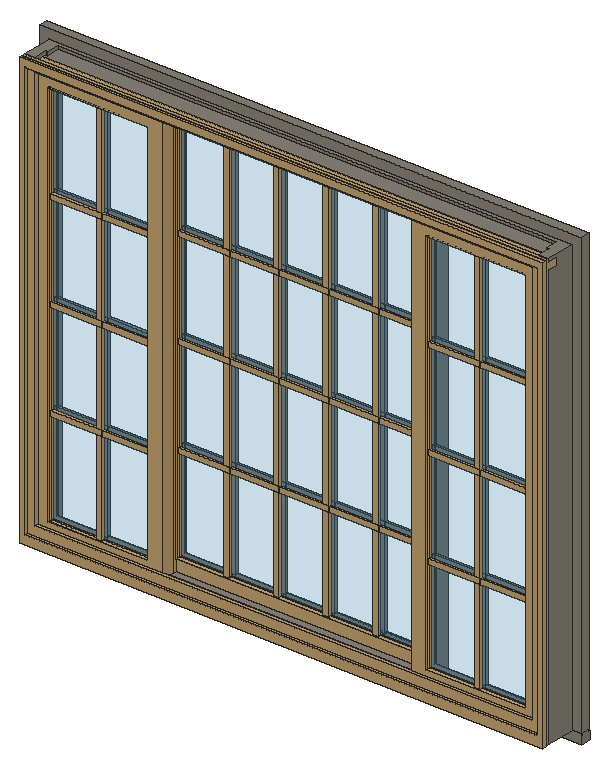
Revit family
Parameters (values of type "CUGLTS6050")
  Window Type = "Clad Ultimate Glider"
  Void Offset_S = if(Subsill A217 Visibility, 0' 1 11/32", if(Subsill A246 Visibility, 0' 0 9/16", 0' 0"))  # 0' - 1 11/32"
  Void Offset = if(Flat Casing Visibility, 0' 3", if(BMC Visibility, 0' 1 5/16", 0' 0"))  # 0' - 1 5/16"
  Vent Area = VO Width * VO Height  # 5.77698 SF
  VO Width = Width / 4 - 0' 2 27/32"  # 1' - 3 1/32"
  VO Height = Height - 0' 4 5/32"  # 4' - 7 11/32"
  URL = "www.marvin.com"
  Subsill Height = if(Subsill A217 Visibility, 0' 1 11/32", 0' 0 9/16")  # 0' - 1 11/32"
  Subsill A246 Visibility = and(Subsill Visibility, Subsill A246)  # no
  Subsill A217 Visibility = and(Subsill Visibility, Subsill A217)  # yes
  Prairie Corner Width = 0' - 4"
  Prairie Corner Height = 0' - 4"
  Operating Configuration = "XOX"
  Offset = if(Bottom Rail Standard, 0' 2", 0' 1 3/4")  # 0' - 2"
  Nominal Width = 6' - 0"
  Nominal Height = 5' - 0"
  Muntins Interior Material = Wood-Marvin-Pine
  Muntins Exterior Material = Aluminum-Marvin-Bronze
  Model = "CUGLTS6050"
  Manufacturer = "Marvin Windows and Doors"
  Lites Wide Side = 2
  Lites Wide Center = 5
  Lites High = 4
  Lite Cut Prairie 9 = no
  Lite Cut HV Grid = not(Lite Cut Prairie 9)  # yes
  Label Visibility = no
  Label Egress = if(and(and(VO Width > 1' 8", VO Height > 2' 0"), Vent Area > 5.70 SF), "EGRESS WDW", "")  # ""
  Interior Material = Wood-Marvin-Pine
  Glazing Material = Glass-Marvin-IG Low E II with Argon
  Glass Type = "IG Low E II with Argon"
  Frame = "Aluminum Clad"
  Flat Casing Visibility = and(Casing Visibility, Flat Casing)  # no
  Family created by = "www.rbuiltcomponents.com"
  Rough Width = Width + 0' 1"  # 6' - 0 1/2"
  Rough Height = Height + 0' 0 1/2"  # 5' - 0"
  Muntins Interior Side = yes
  Muntins Exterior Side = yes
  Muntins Interior Center = yes
  Muntins Exterior Center = yes
  Egress Window = "No"
  Design Pressure = "DP35"
  Cladding Material = Aluminum-Marvin-Bronze
  Casing Visibility = yes
  Bottom Rail Tall = no
  Bottom Rail Standard = not(Bottom Rail Tall)  # yes
  Bottom Rail = if(Bottom Rail Standard, 0' 3 1/2", 0' 4 13/32")  # 0' - 3 1/2"
  BMC Visibility = and(Casing Visibility, BMC)  # yes
  BMC = yes
  Flat Casing = not(BMC)  # no
  Subsill Visibility = yes
  Subsill A246 = no
  Subsill A217 = not(Subsill A246)  # yes
  Jamb Extension Visibility = yes
  Inset to Installation Flange [instance] = 0' - 1"
  Height = Nominal Height - 0' 0 1/2"  # 4' - 11 1/2"
  Description = "7260 GLDR"
  Default Head Height = 8' - 0"
  Wall Closure = (empty or 0)
  Width = Nominal Width - 0' 0 1/2"  # 5' - 11 1/2"
  Daylight Area = DLO Width * DLO Height  # 21.989 SF
  Center DLO Width = DLO Width - Side DLO Width * 2  # 2' - 9 33/64"
  Side DLO Width = (Width - 1' 6 13/32") / 4  # 1' - 1 35/128"
  DLO Width = Width - 0' 11 7/16"  # 5' - 0 1/16"
  DLO Height = if(Bottom Rail Standard, Height - 0' 6 25/32", Height - 0' 7 11/16")  # 4' - 4 23/32"
  Assembly Code = ""
Reference planes (in)
  plane 1 "Center (Front/Back)": y = 0
  plane 2: z = 0
  plane 3 "Center (Left/Right)": x = -3
  plane 4 "Left": x = -38.75
  plane 5 "Right": x = 32.75
  plane 6 "Sill": z = 36.5
  plane 7 "Top": z = 96
  plane 8 "Inset": y = 2
  plane 9 "Glazing": y = 1.4375
  plane 10 "Jamb Ext Face": y = -2.5625
  plane 11: x = -19.75781
  plane 12: x = 29.46875
  plane 13: z = 92.71875
  plane 14: z = 40
  plane 15: x = 13.75781
  plane 16: x = 16.19531
  plane 17 "Glazing 2": y = -0.78125
  plane 18: x = 22.83203
  plane 19: y = -2.59375
  plane 20 "Void Offset": z = 97.3125
  plane 21 "Void Offset_S": z = 35.15625
  plane 22: x = -35.46875
  plane 23: x = -22.19531
  plane 24: x = -28.83203
Forms (in)
  Extrusion 1, solid, material "Wood-Marvin-Pine" <- "Interior Material", visible <- "Jamb Extension Visibility", detail levels medium+fine
    sketch origin (0, -2.5625, 0) x (1, 0, 0) y (0, 0, 1)
      loop
        line (-38.75, 96) -> (-38.75, 36.5) -> (32.75, 36.5) -> (32.75, 96) -> (-38.75, 96)
      loop
        line (-38.0625, 37.8125) -> (32.0625, 37.8125) -> (32.0625, 95.125) -> (-38.0625, 95.125) -> (-38.0625, 37.8125)
    from 0.03125 to 0.4375
  Sweep 2, solid, material "Aluminum-Marvin-Bronze" <- "Cladding Material"
    path origin (0, 2, 0) x (1, 0, 0) y (0, 0, 1)
      loop
        line (32.75, 36.5) -> (-38.75, 36.5)
    profile "Clad Sill : Clad Sill" origin (-3, 2, 36.5) x (0, 0, -1) y (0, -1, 0)
      loop
        line (0, 4.09375) -> (-1.4923, 4.09375) -> (-1.43315, 3.67287) -> (-1.87885, 3.5625) -> (-2.02485, 3.5625) -> (-2.02485, 3.2605) -> (-1.69799, 3.2605) -> (-1.56199, 3.1245) -> (-1.36894, 3.1245) -> (-1.62233, 1.3215) -> (-2.02485, 1.3215) -> (-2.02485, 1.0195) -> (-1.76223, 1.0195) -> (-1.60756, 0.7286) -> (-1.60756, 0.41973) -> (-1.38203, 0.41973) -> (-1.29669, -0.1875) -> (-1.125, -0.1875) -> (-1.125, -0.685) -> (-0.70288, -0.685) -> (-0.64543, -1.09375) -> (0, -1.09375) -> (0, 4.09375)
  Sweep 3, solid, material "Aluminum-Marvin-Bronze" <- "Cladding Material"
    path origin (0, 2, 0) x (1, 0, 0) y (0, 0, 1)
      loop
        line (32.75, 96) -> (32.75, 36.5)
    profile "Clad Jamb : Clad Jamb" origin (32.75, 2, 66.25) x (1, 0, 0) y (0, -1, 0)
      loop
        line (0, -1.09201) -> (0, 4.10949) -> (-1.34375, 4.10949) -> (-1.34375, 2.26799) -> (-1.644, 2.26799) -> (-1.644, -0.18701) -> (-0.78161, -0.18701) -> (-0.78161, -0.58876) -> (-0.71088, -1.09201) -> (0, -1.09201)
  Sweep 4, solid, material "Aluminum-Marvin-Bronze" <- "Cladding Material"
    path origin (0, 2, 0) x (1, 0, 0) y (0, 0, 1)
      loop
        line (-38.75, 96) -> (-38.75, 36.5)
    profile "Clad Jamb : Clad Jamb" origin (-38.75, 2, 66.25) x (1, 0, 0) y (0, -1, 0)
      loop
        line (0, -1.09201) -> (0.71088, -1.09201) -> (0.78161, -0.58876) -> (0.78161, -0.18701) -> (1.644, -0.18701) -> (1.644, 2.26799) -> (1.34375, 2.26799) -> (1.34375, 4.10949) -> (0, 4.10949) -> (0, -1.09201)
  Sweep 5, solid, material "Aluminum-Marvin-Bronze" <- "Cladding Material"
    path origin (0, 2, 0) x (1, 0, 0) y (0, 0, 1)
      loop
        line (32.75, 96) -> (-38.75, 96)
    profile "Clad Head : Clad Head" origin (-3, 2, 96) x (0, 0, -1) y (0, -1, 0)
      loop
        line (0, 0.52786) -> (0, -1.09375) -> (0.71134, -1.09375) -> (0.78161, -0.59375) -> (0.78161, -0.1875) -> (1.644, -0.1875) -> (1.644, 0.096) -> (1.344, 0.096) -> (1.344, 2.85991) -> (0.396, 2.85991) -> (0.396, 0.52786) -> (0, 0.52786)
  Extrusion 6, solid, material "Wood-Marvin-Pine" <- "Interior Material"
    sketch origin (0, -2.5625, 0) x (1, 0, 0) y (0, 0, 1)
      loop
        line (-38.75, 96) -> (-38.75, 94.656) -> (32.75, 94.656) -> (32.75, 96) -> (-38.75, 96)
    from -0.45301 to 0
  Extrusion 7, solid, material "Wood-Marvin-Pine" <- "Interior Material"
    sketch origin (0, -2.5625, 0) x (1, 0, 0) y (0, 0, 1)
      loop
        line (31, 96) -> (31, 39.0625) -> (-37, 39.0625) -> (-37, 96) -> (-38.75, 96) -> (-38.75, 36.5) -> (32.75, 36.5) -> (32.75, 96) -> (31, 96)
    from -0.45301 to 0
  Sweep 8, solid, material "Aluminum-Marvin-Bronze" <- "Cladding Material"
    path origin (0, 1.4375, 0) x (1, 0, 0) y (0, 0, 1)
      loop
        line (-19.75781, 40) -> (13.75781, 40) -> (13.75781, 92.71875) -> (-19.75781, 92.71875) -> (-19.75781, 40)
    profile "Clad Sash : Clad Sash" origin (-3, 1.4375, 40) x (0, 0, 1) y (0, -1, 0)
      loop
        line (-1.75, -0.34375) -> (-0.18489, -0.34375) -> (-0.18489, -0.2353) -> (0, -0.05042) -> (0, 0) -> (-1.75, 0) -> (-1.75, -0.34375)
  Sweep 9, solid, material "Aluminum-Marvin-Bronze" <- "Cladding Material"
    path origin (0, -0.78125, 0) x (1, 0, 0) y (0, 0, 1)
      loop
        line (16.19531, 40) -> (29.46875, 40) -> (29.46875, 92.71875) -> (16.19531, 92.71875) -> (16.19531, 40)
    profile "Clad Sash : Clad Sash" origin (22.83203, -0.78125, 40) x (0, 0, 1) y (0, -1, 0)
      loop
        line (-1.75, -0.34375) -> (-0.18489, -0.34375) -> (-0.18489, -0.2353) -> (0, -0.05042) -> (0, 0) -> (-1.75, 0) -> (-1.75, -0.34375)
  Sweep 10, solid, material "Wood-Marvin-Pine" <- "Interior Material"
    path origin (0, -0.78125, 0) x (1, 0, 0) y (0, 0, 1)
      loop
        line (16.19531, 40) -> (29.46875, 40) -> (29.46875, 92.71875) -> (16.19531, 92.71875) -> (16.19531, 40)
    profile "Sash : Sash" origin (22.83203, -0.78125, 40) x (0, 0, 1) y (0, -1, 0)
      loop
        line (-0.208, 1.25) -> (-1.75, 1.25) -> (-1.75, 0) -> (-0.677, 0) -> (-0.677, 0.75) -> (0, 0.75) -> (0, 0.93425) -> (-0.208, 1.14225) -> (-0.208, 1.25)
  Sweep 11, solid, material "Wood-Marvin-Pine" <- "Interior Material"
    path origin (0, 1.4375, 0) x (1, 0, 0) y (0, 0, 1)
      loop
        line (-19.75781, 40) -> (13.75781, 40) -> (13.75781, 92.71875) -> (-19.75781, 92.71875) -> (-19.75781, 40)
    profile "Sash : Sash" origin (-3, 1.4375, 40) x (0, 0, 1) y (0, -1, 0)
      loop
        line (-0.208, 1.25) -> (-1.75, 1.25) -> (-1.75, 0) -> (-0.677, 0) -> (-0.677, 0.75) -> (0, 0.75) -> (0, 0.93425) -> (-0.208, 1.14225) -> (-0.208, 1.25)
  Sweep 12, solid, material "Aluminum-Marvin-Bronze" <- "Cladding Material"
    path origin (0, 1.4375, 0) x (1, 0, 0) y (0, 0, 1)
      loop
        line (14.97656, 94.46875) -> (14.97656, 38.25)
    profile "Stile Clad : Stile Clad" origin (14.97656, 1.4375, 66.35938) x (1, 0, 0) y (0, -1, 0)
      loop
        line (0.96875, -0.34375) -> (0.96875, 1.5625) -> (0.70816, 1.5625) -> (0.70816, 1.875) -> (0.53125, 1.875) -> (0.53125, -0.34375) -> (0.96875, -0.34375)
  Sweep 13, solid, material "Wood-Marvin-Pine" <- "Interior Material"
    path origin (0, -0.78125, 0) x (1, 0, 0) y (0, 0, 1)
      loop
        line (14.97656, 94.46875) -> (14.97656, 38.26223)
    profile "Stile : Stile" origin (14.97656, -0.78125, 66.36549) x (1, 0, 0) y (0, -1, 0)
      loop
        line (-0.53125, 1.25) -> (-0.96875, 1.25) -> (-0.96875, -0.65625) -> (-1.01075, -0.65625) -> (-1.01075, -0.96875) -> (0.53125, -0.96875) -> (0.53125, -0.34375) -> (-0.53125, -0.34375) -> (-0.53125, 1.25)
  Extrusion 14, solid, material "Glass-Marvin-IG Low E II with Argon" <- "Glazing Material"
    sketch origin (0, 1.4375, 0) x (1, 0, 0) y (0, 0, 1)
      loop
        line (14.25781, 93.21875) -> (-20.25781, 93.21875) -> (-20.25781, 39.5) -> (14.25781, 39.5) -> (14.25781, 93.21875)
    from 0 to 0.125
  Extrusion 15, solid, material "Glass-Marvin-IG Low E II with Argon" <- "Glazing Material"
    sketch origin (0, -0.78125, 0) x (1, 0, 0) y (0, 0, 1)
      loop
        line (29.96875, 93.21875) -> (15.69531, 93.21875) -> (15.69531, 39.5) -> (29.96875, 39.5) -> (29.96875, 93.21875)
    from 0 to 0.125
  Extrusion 16, solid, material "Glass-Marvin-IG Low E II with Argon" <- "Glazing Material"
    sketch origin (0, -0.78125, 0) x (1, 0, 0) y (0, 0, 1)
      loop
        line (29.96875, 93.21875) -> (15.69531, 93.21875) -> (15.69531, 39.5) -> (29.96875, 39.5) -> (29.96875, 93.21875)
    from 0.59375 to 0.71875
  Extrusion 17, solid, material "Glass-Marvin-IG Low E II with Argon" <- "Glazing Material"
    sketch origin (0, 1.4375, 0) x (1, 0, 0) y (0, 0, 1)
      loop
        line (14.25781, 93.21875) -> (-20.25781, 93.21875) -> (-20.25781, 39.5) -> (14.25781, 39.5) -> (14.25781, 93.21875)
    from 0.59375 to 0.71875
  Extrusion 18, solid, material "Wood-Marvin-Pine" <- "Interior Material"
    sketch origin (0, -2.5625, 0) x (1, 0, 0) y (0, 0, 1)
      loop
        line (-38.75, 95.604) -> (-38.75, 94.656) -> (32.75, 94.656) -> (32.75, 95.604) -> (-38.75, 95.604)
    from -1.70259 to 0
  Sweep 19, solid, material "Wood-Marvin-Pine" <- "Interior Material"
    path origin (0, 2, 0) x (1, 0, 0) y (0, 0, 1)
      loop
        line (-20.97656, 96) -> (14.97656, 96)
    profile "Head Stop : Head Stop" origin (-3, 2, 96) x (0, 0, 1) y (0, -1, 0)
      loop
        line (-1.802, 1.81561) -> (-1.344, 1.81561) -> (-1.344, 2.85991) -> (-1.396, 2.85991) -> (-1.396, 2.11561) -> (-1.802, 2.11561) -> (-1.802, 1.81561)
  Extrusion 20, void
    sketch origin (0, 0, 36.5) x (0, -1, 0) y (1, 0, 0)
      loop
        line (-2, -38.75) -> (3, -38.75) -> (3, 32.75) -> (-2, 32.75) -> (-2, -38.75)
    from 0 to 59.5
  Extrusion 21, void
    sketch origin (0, 0, 36.5) x (0, -1, 0) y (1, 0, 0)
      loop
        line (-3.125, -40.0625) -> (-2, -40.0625) -> (-2, 34.0625) -> (-3.125, 34.0625) -> (-3.125, -40.0625)
    from -1.34375 to 60.8125
  Sweep 22, solid, material "Wood-Marvin-Pine" <- "Interior Material"
    path origin (-6, -0.78125, 0) x (-1, 0, 0) y (0, 0, 1)
      loop
        line (16.19531, 40) -> (29.46875, 40) -> (29.46875, 92.71875) -> (16.19531, 92.71875) -> (16.19531, 40)
    profile "Sash : Sash" origin (-28.83203, -0.78125, 40) x (0, 0, -1) y (0, -1, 0)
      loop
        line (0.208, 1.25) -> (0.208, 1.14225) -> (0, 0.93425) -> (0, 0.75) -> (0.677, 0.75) -> (0.677, 0) -> (1.75, 0) -> (1.75, 1.25) -> (0.208, 1.25)
  Sweep 23, solid, material "Aluminum-Marvin-Bronze" <- "Cladding Material"
    path origin (-6, -0.78125, 0) x (-1, 0, 0) y (0, 0, 1)
      loop
        line (16.19531, 40) -> (29.46875, 40) -> (29.46875, 92.71875) -> (16.19531, 92.71875) -> (16.19531, 40)
    profile "Clad Sash : Clad Sash" origin (-28.83203, -0.78125, 40) x (0, 0, -1) y (0, -1, 0)
      loop
        line (1.75, -0.34375) -> (1.75, 0) -> (0, 0) -> (0, -0.05042) -> (0.18489, -0.2353) -> (0.18489, -0.34375) -> (1.75, -0.34375)
  Sweep 24, solid, material "Aluminum-Marvin-Bronze" <- "Cladding Material"
    path origin (-6, 1.4375, 0) x (-1, 0, 0) y (0, 0, 1)
      loop
        line (14.97656, 94.46875) -> (14.97656, 38.25)
    profile "Stile Clad : Stile Clad" origin (-20.97656, 1.4375, 66.35938) x (1, 0, 0) y (0, -1, 0)
      loop
        line (-0.96875, -0.34375) -> (-0.53125, -0.34375) -> (-0.53125, 1.875) -> (-0.70816, 1.875) -> (-0.70816, 1.5625) -> (-0.96875, 1.5625) -> (-0.96875, -0.34375)
  Sweep 25, solid, material "Wood-Marvin-Pine" <- "Interior Material"
    path origin (-6, -0.78125, 0) x (-1, 0, 0) y (0, 0, 1)
      loop
        line (14.97656, 94.46875) -> (14.97656, 38.25)
    profile "Stile : Stile" origin (-20.97656, -0.78125, 66.35938) x (1, 0, 0) y (0, -1, 0)
      loop
        line (0.53125, 1.25) -> (0.53125, -0.34375) -> (-0.53125, -0.34375) -> (-0.53125, -0.96875) -> (1.01075, -0.96875) -> (1.01075, -0.65625) -> (0.96875, -0.65625) -> (0.96875, 1.25) -> (0.53125, 1.25)
  Extrusion 26, solid, material "Glass-Marvin-IG Low E II with Argon" <- "Glazing Material"
    sketch origin (-6, -0.78125, 0) x (-1, 0, 0) y (0, 0, -1)
      loop
        line (29.96875, -93.21875) -> (29.96875, -39.5) -> (15.69531, -39.5) -> (15.69531, -93.21875) -> (29.96875, -93.21875)
    from 0 to 0.125
  Extrusion 27, solid, material "Glass-Marvin-IG Low E II with Argon" <- "Glazing Material"
    sketch origin (-6, -0.78125, 0) x (-1, 0, 0) y (0, 0, -1)
      loop
        line (29.96875, -93.21875) -> (29.96875, -39.5) -> (15.69531, -39.5) -> (15.69531, -93.21875) -> (29.96875, -93.21875)
    from 0.59375 to 0.71875
  Sweep 28, solid, material "Aluminum-Marvin-Bronze" <- "Cladding Material"
    path in 3D
      loop
        line (-21.50781, 1.78125, 38.25) -> (15.50781, 1.78125, 38.25)
    profile origin (-3, 1.78125, 38.25) x (0, -1, 0) y (0, 0, -1)
      loop
        line (0, 0) -> (0, -0.25) -> (0.34375, -0.25) -> (0.34375, 0) -> (0, 0)
  Sweep 29, solid, material "Aluminum-Marvin-Bronze" <- "Cladding Material"
    path in 3D
      loop
        line (14.44531, -0.4375, 38.25) -> (31.21875, -0.4375, 38.25)
    profile origin (22.83203, -0.4375, 38.25) x (0, -1, 0) y (0, 0, -1)
      loop
        line (0, 0) -> (0, -0.25) -> (0.34375, -0.25) -> (0.34375, 0) -> (0, 0)
  Sweep 30, solid, material "Aluminum-Marvin-Bronze" <- "Cladding Material"
    path in 3D
      loop
        line (-20.44531, -0.4375, 38.25) -> (-37.21875, -0.4375, 38.25)
    profile origin (-28.83203, -0.4375, 38.25) x (0, 1, 0) y (0, 0, -1)
      loop
        line (0, 0) -> (-0.34375, 0) -> (-0.34375, -0.25) -> (0, -0.25) -> (0, 0)
  Sweep 31, solid, material "Wood-Marvin-Pine" <- "Interior Material"
    path in 3D
      loop
        line (-21.50781, 0.1875, 38.25) -> (15.50781, 0.1875, 38.25)
    profile origin (-3, 0.1875, 38.25) x (0, -1, 0) y (0, 0, -1)
      loop
        line (0, 0) -> (-1.25, 0) -> (-1.25, -0.25) -> (0, -0.25) -> (0, 0)
  Sweep 32, solid, material "Wood-Marvin-Pine" <- "Interior Material"
    path in 3D
      loop
        line (-20.44531, -2.03125, 38.25) -> (-37.21875, -2.03125, 38.25)
    profile origin (-28.83203, -2.03125, 38.25) x (0, 1, 0) y (0, 0, -1)
      loop
        line (0, 0) -> (0, -0.25) -> (1.25, -0.25) -> (1.25, 0) -> (0, 0)
  Sweep 33, solid, material "Wood-Marvin-Pine" <- "Interior Material"
    path in 3D
      loop
        line (14.44531, -2.03125, 38.25) -> (31.21875, -2.03125, 38.25)
    profile origin (22.83203, -2.03125, 38.25) x (0, -1, 0) y (0, 0, -1)
      loop
        line (0, 0) -> (-1.25, 0) -> (-1.25, -0.25) -> (0, -0.25) -> (0, 0)
Cuts and joins
  joined: Sweep 2, Sweep 3, Sweep 4, Sweep 5, Sweep 8, Sweep 12, Sweep 24, Sweep 28
  joined: Extrusion 6, Extrusion 7, Extrusion 18, Sweep 19
  joined: Sweep 10, Sweep 11, Sweep 13, Sweep 31, Sweep 33
  joined: Sweep 9, Sweep 29
  joined: Sweep 23, Sweep 30
  joined: Sweep 22, Sweep 25, Sweep 32
Lines and regions (in)
  Masking region 1
    outline origin (0, 0, 36.5) x (0, -1, 0) y (1, 0, 0)
      loop
        line (-3.09375, -38.75) -> (2.5625, -38.75) -> (2.5625, 32.75) -> (-3.09375, 32.75) -> (-3.09375, -38.75)
  Masking region 2
    outline origin (-3, 0, 0) x (0, 1, 0) y (0, 0, 1)
      loop
        line (3.09375, 96) -> (-2.5625, 96) -> (-2.5625, 36.5) -> (3.09375, 36.5) -> (3.09375, 96)
  Masking region 3, visible <- "Jamb Extension Visibility"
    outline origin (0, 0, 36.5) x (0, -1, 0) y (1, 0, 0)
      loop
        line (2.59375, -38.75) -> (3, -38.75) -> (3, 32.75) -> (2.59375, 32.75) -> (2.59375, -38.75)
  Masking region 4, visible <- "Jamb Extension Visibility"
    outline origin (-3, 0, 0) x (0, 1, 0) y (0, 0, 1)
      loop
        line (-2.59375, 96) -> (-3, 96) -> (-3, 36.5) -> (-2.59375, 36.5) -> (-2.59375, 96)
  symbolic lines, style "Jamb Extension", visible <- "Jamb Extension Visibility", detail levels fine
    curve 1: line (-38.75, -3, 36.5) -> (-38.0625, -3, 36.5)
    curve 2: line (-38.0625, -3, 36.5) -> (-38.0625, -2.59375, 36.5)
    curve 3: line (32.75, -3, 36.5) -> (32.0625, -3, 36.5)
    curve 4: line (32.0625, -3, 36.5) -> (32.0625, -2.59375, 36.5)
    curve 5: line (-3, -3, 95.125) -> (-3, -2.59375, 95.125)
    curve 6: line (-3, -3, 37.8125) -> (-3, -2.59375, 37.8125)
  symbolic lines, style "WindowsFrameMullionProjection", detail levels coarse+medium
    curve 7: line (-38.75, -2.5625, 36.5) -> (-37.406, -2.5625, 36.5)
    curve 8: line (-37.406, 3.09375, 36.5) -> (-38.75, 3.09375, 36.5)
    curve 9: line (-3, 3.09375, 96) -> (-3, 3.09375, 94.656)
    curve 10: line (-3, 3.09375, 94.656) -> (-3, -2.5625, 94.656)
    curve 11: line (-3, -2.5625, 94.656) -> (-3, -2.5625, 96)
    curve 12: line (-3, 1.78125, 94.656) -> (-3, 1.78125, 92.71875)
    curve 13: line (-3, 1.78125, 92.71875) -> (-3, 0.23438, 92.71875)
    curve 14: line (-3, 0.23438, 38.10756) -> (-3, 0.23438, 40)
    curve 15: line (-3, 3.09375, 36.5) -> (-3, 3.09375, 38.10756)
    curve 16: line (-3, 3.09375, 38.10756) -> (-3, -2.5625, 38.10756)
    curve 17: line (-3, -2.5625, 38.10756) -> (-3, -2.5625, 36.5)
    curve 18: line (-3, 1.78125, 40) -> (-3, 0.23438, 40)
    curve 20: line (-3, 0.23438, 40) -> (-3, 0.23438, 92.71875)
    curve 21: line (-3, 1.78125, 40) -> (-3, 1.78125, 38.10756)
    curve 22: line (-3, 0.23438, 92.71875) -> (-3, 0.23438, 94.656)
    curve 23: line (-3, 1.78125, 92.71875) -> (-3, 1.78125, 40)
    curve 38: line (-37.406, -2.5625, 36.5) -> (-37.406, 3.09375, 36.5)
    curve 39: line (-38.75, 3.09375, 36.5) -> (-38.75, -2.5625, 36.5)
    curve 40: line (32.75, -2.5625, 36.5) -> (31.40625, -2.5625, 36.5)
    curve 41: line (31.40625, 3.09375, 36.5) -> (32.75, 3.09375, 36.5)
    curve 42: line (31.40625, -2.5625, 36.5) -> (31.40625, 3.09375, 36.5)
    curve 43: line (32.75, 3.09375, 36.5) -> (32.75, -2.5625, 36.5)
    curve 44: line (13.75781, 1.79688, 36.5) -> (15.94531, 1.79688, 36.5)
    curve 45: line (13.75781, -0.10937, 36.5) -> (13.75781, 1.79688, 36.5)
    curve 46: line (15.94531, -0.10937, 36.5) -> (13.75781, -0.10937, 36.5)
    curve 47: line (15.94531, 1.79688, 36.5) -> (15.94531, -0.10937, 36.5)
    curve 48: line (31.40625, -0.4375, 36.5) -> (29.46875, -0.4375, 36.5)
    curve 49: line (29.46875, -2.03125, 36.5) -> (31.40625, -2.03125, 36.5)
    curve 50: line (29.46875, -0.4375, 36.5) -> (29.46875, -2.03125, 36.5)
    curve 51: line (15.68472, -0.4375, 36.5) -> (16.19531, -0.4375, 36.5)
    curve 52: line (16.19531, -2.03125, 36.5) -> (14.00781, -2.03125, 36.5)
    curve 53: line (16.19531, -0.4375, 36.5) -> (16.19531, -2.03125, 36.5)
    curve 54: line (14.00781, -2.03125, 36.5) -> (14.00781, -0.18749, 36.5)
    curve 55: line (15.68472, -0.18749, 36.5) -> (14.00781, -0.18749, 36.5)
    curve 56: line (15.68472, -0.18749, 36.5) -> (15.68472, -0.4375, 36.5)
    curve 59: line (-19.75781, 0.1875, 36.5) -> (13.75781, 0.1875, 36.5)
    curve 60: line (-19.75781, 1.79688, 36.5) -> (13.75781, 1.79688, 36.5)
    curve 61: line (16.19531, -0.4375, 36.5) -> (29.46875, -0.4375, 36.5)
    curve 62: line (16.19531, -2.03125, 36.5) -> (29.46875, -2.03125, 36.5)
    curve 63: line (-3, 3.09375, 36.5) -> (-3, -2.5625, 36.5)
    curve 64: line (-3, 3.09375, 96) -> (-3, -2.5625, 96)
    curve 65: line (-19.75781, 1.79688, 36.5) -> (-21.94531, 1.79688, 36.5)
    curve 66: line (-19.75781, -0.10937, 36.5) -> (-19.75781, 1.79688, 36.5)
    curve 67: line (-21.94531, -0.10937, 36.5) -> (-19.75781, -0.10937, 36.5)
    curve 68: line (-21.94531, 1.79688, 36.5) -> (-21.94531, -0.10937, 36.5)
    curve 69: line (-37.406, -0.43749, 36.5) -> (-35.46875, -0.43749, 36.5)
    curve 70: line (-35.46875, -2.01562, 36.5) -> (-37.406, -2.01562, 36.5)
    curve 71: line (-35.46875, -0.43749, 36.5) -> (-35.46875, -2.01562, 36.5)
    curve 72: line (-21.68472, -0.43749, 36.5) -> (-22.19531, -0.43749, 36.5)
    curve 73: line (-22.19531, -2.01562, 36.5) -> (-20.00781, -2.01562, 36.5)
    curve 74: line (-22.19531, -0.43749, 36.5) -> (-22.19531, -2.01562, 36.5)
    curve 75: line (-20.00781, -2.01562, 36.5) -> (-20.00781, -0.18749, 36.5)
    curve 76: line (-21.68472, -0.18749, 36.5) -> (-20.00781, -0.18749, 36.5)
    curve 77: line (-21.68472, -0.18749, 36.5) -> (-21.68472, -0.43749, 36.5)
    curve 79: line (-22.19531, -0.43749, 36.5) -> (-35.46875, -0.43749, 36.5)
    curve 80: line (-22.19531, -2.01562, 36.5) -> (-35.46875, -2.01562, 36.5)
  symbolic lines, style "WindowsGlassProjection", detail levels coarse+medium
    curve 19: line (-3, 1.00901, 92.71875) -> (-3, 1.00901, 40)
    curve 57: line (-19.75781, 0.98437, 36.5) -> (13.75781, 0.98437, 36.5)
    curve 58: line (29.46875, -1.23438, 36.5) -> (16.19531, -1.23438, 36.5)
    curve 78: line (-35.46875, -1.23438, 36.5) -> (-22.19531, -1.23438, 36.5)
  symbolic lines, style "WindowsFrameMullionProjection"
    curve 24: line (-3, -2.5625, 38.10756) -> (-3, -2.5625, 94.656)
  symbolic lines, style "WindowsFrameMullionProjection", visible <- "Jamb Extension Visibility", detail levels coarse+medium
    curve 25: line (-38.0625, -2.59375, 36.5) -> (-38.0625, -3, 36.5)
    curve 26: line (-38.0625, -3, 36.5) -> (-38.75, -3, 36.5)
    curve 27: line (32.0625, -2.59375, 36.5) -> (32.0625, -3, 36.5)
    curve 28: line (32.0625, -3, 36.5) -> (32.75, -3, 36.5)
    curve 31: line (-3, -2.59375, 95.125) -> (-3, -3, 95.125)
    curve 32: line (-3, -3, 95.125) -> (-3, -3, 96)
    curve 33: line (-3, -2.59375, 37.8125) -> (-3, -3, 37.8125)
    curve 34: line (-3, -3, 37.8125) -> (-3, -3, 36.5)
  symbolic lines, style "Jamb Extension", visible <- "Jamb Extension Visibility"
    curve 29: line (-3, -3, 37.8125) -> (-3, -3, 36.5)
    curve 30: line (-3, -3, 95.125) -> (-3, -3, 96)
  symbolic lines, style "Windows"
    curve 35: line (-27.19531, 0, 67.98205) -> (-24.19531, 0, 66.25)
    curve 36: line (-24.19531, 0, 66.25) -> (-27.19531, 0, 64.51795)
    curve 37: line (-27.19531, 0, 64.51795) -> (-27.19531, 0, 67.98205)
    curve 81: line (21.19531, 0, 67.98205) -> (18.19531, 0, 66.25)
    curve 82: line (18.19531, 0, 66.25) -> (21.19531, 0, 64.51795)
    curve 83: line (21.19531, 0, 64.51795) -> (21.19531, 0, 67.98205)
  sketch lines
    curve 84: line (-21.50781, 1.78125, 38.25) -> (15.50781, 1.78125, 38.25)
    curve 85: line (14.44531, -0.4375, 38.25) -> (31.21875, -0.4375, 38.25)
    curve 86: line (-20.44531, -0.4375, 38.25) -> (-37.21875, -0.4375, 38.25)
    curve 87: line (-21.50781, 0.1875, 38.25) -> (15.50781, 0.1875, 38.25)
    curve 88: line (-20.44531, -2.03125, 38.25) -> (-37.21875, -2.03125, 38.25)
    curve 89: line (14.44531, -2.03125, 38.25) -> (31.21875, -2.03125, 38.25)
Text (in)
  text "EXTERIOR" at (-58.6888, 50.90694, 0), in view "Ref. Level"
  text "INTERIOR" at (-58.6888, -37.76638, 0), in view "Ref. Level"
  text "Exterior" at (0, 43.65631, 123.19604), in view "Left"
  text "Exterior" at (0, 18.29385, 125.04747), in view "Right"
Dimensions and locks (in)
  equal spacing: plane 4 "Left", plane 3 "Center (Left/Right)", plane 5 "Right"
  "Width": plane 4 "Left" to plane 5 "Right"
  "Height": plane 6 "Sill" to plane 7 "Top"
  "Inset to Installation Flange": host wall to plane 8 "Inset"
  locked: plane 9 "Glazing" to plane 8 "Inset" at 0.5625
  locked: plane 10 "Jamb Ext Face" to plane 8 "Inset" at 4.5625
  plane 6 "Sill" to plane 7 "Top" = 4' - 11 1/2"
  "Default Head Height": plane 2 to plane 7 "Top"
  locked: Extrusion 1 sketch curve to Extrusion 1 sketch curve at 1.3125
  locked: Extrusion 1 sketch curve to Extrusion 1 sketch curve at 0.6875
  locked: plane 7 "Top" to Extrusion 1 sketch curve at 0.875
  locked: nested 1 to host wall at 12.00106
  locked: plane 10 "Jamb Ext Face" to Extrusion 6 at 0.45301
  locked: Extrusion 7 sketch curve to plane 5 "Right" at 1.75
  locked: Extrusion 7 sketch curve to plane 6 "Sill" at 2.5625
  locked: plane 10 "Jamb Ext Face" to Extrusion 7 at 0.45301
  locked: plane 12 to plane 5 "Right" at 3.28125
  plane 23 to plane 11 = 0' - 2 7/16"
  locked: plane 13 to plane 7 "Top" at 3.28125
  "Bottom Rail": plane 6 "Sill" to plane 14
  locked: plane 17 "Glazing 2" to plane 9 "Glazing" at 2.21875
  locked: Extrusion 14 sketch curve to plane 15 at 0.5
  locked: Extrusion 14 sketch curve to plane 11 at 0.5
  locked: plane 13 to Extrusion 14 sketch curve at 0.5
  locked: Extrusion 14 sketch curve to plane 14 at 0.5
  locked: plane 12 to Extrusion 15 sketch curve at 0.5
  locked: plane 16 to Extrusion 15 sketch curve at 0.5
  locked: plane 13 to Extrusion 15 sketch curve at 0.5
  locked: Extrusion 15 sketch curve to plane 14 at 0.5
  locked: plane 13 to Extrusion 16 sketch curve at 0.5
  locked: Extrusion 16 sketch curve to plane 14 at 0.5
  locked: plane 12 to Extrusion 16 sketch curve at 0.5
  locked: plane 16 to Extrusion 16 sketch curve at 0.5
  locked: Extrusion 17 sketch curve to plane 15 at 0.5
  locked: Extrusion 17 sketch curve to plane 11 at 0.5
  locked: plane 13 to Extrusion 17 sketch curve at 0.5
  locked: Extrusion 17 sketch curve to plane 14 at 0.5
  locked: plane 9 "Glazing" to Extrusion 14 at 0.125
  locked: plane 9 "Glazing" to Extrusion 17 at 0.59375
  locked: plane 9 "Glazing" to Extrusion 17 at 0.71875
  locked: Extrusion 17 to Extrusion 17 at 0.125
  locked: plane 17 "Glazing 2" to Extrusion 15 at 0.125
  locked: plane 17 "Glazing 2" to Extrusion 16 at 0.59375
  locked: plane 17 "Glazing 2" to Extrusion 16 at 0.71875
  locked: Extrusion 16 to Extrusion 16 at 0.125
  equal spacing: plane 16, plane 18, plane 12
  locked: nested 7 to plane 17 "Glazing 2" at 0.75
  locked: nested 6 to plane 9 "Glazing" at 0.75
  equal spacing: plane 6 "Sill", curve 82, plane 7 "Top"
  locked: plane 4 "Left" to Extrusion 1 sketch curve at 0.6875
  locked: plane 19 to plane 10 "Jamb Ext Face" at 0.03125
  "Void Offset": Extrusion 21 sketch curve to plane 4 "Left"
  "Void Offset": plane 5 "Right" to Extrusion 21 sketch curve
  locked: Extrusion 21 sketch curve to host wall at 0.125
  "Void Offset": plane 7 "Top" to plane 20 "Void Offset"
  "Void Offset_S": plane 21 "Void Offset_S" to plane 6 "Sill"
  "Side DLO Width": plane 16 to plane 12
  plane 16 to plane 15 = 0' - 2 7/16"
  equal spacing: plane 23, plane 24, plane 22
  "Side DLO Width": plane 23 to plane 22
  equal spacing: plane 16, Sweep 12 sketch curve, plane 15, locked at 1.21875 each
  equal spacing: plane 23, Sweep 24 sketch curve, plane 11, locked at 1.21875 each
  equal spacing: plane 16, Sweep 13 sketch curve, plane 15, locked at 1.21875 each
  equal spacing: plane 23, Sweep 25 sketch curve, plane 11, locked at 1.21875 each
  locked: plane 13 to Extrusion 26 sketch curve at 0.5
  locked: plane 22 to Extrusion 26 sketch curve at 0.5
  locked: plane 23 to Extrusion 26 sketch curve at 0.5
  locked: Extrusion 26 sketch curve to plane 14 at 0.5
  locked: Extrusion 27 to Extrusion 27 at 0.125
  locked: plane 13 to Extrusion 27 sketch curve at 0.5
  locked: Extrusion 27 sketch curve to plane 14 at 0.5
  locked: plane 22 to Extrusion 27 sketch curve at 0.5
  locked: plane 23 to Extrusion 27 sketch curve at 0.5
  locked: plane 17 "Glazing 2" to nested 9 at 0.75
  locked: curve 83 to plane 16 at 5
  locked: curve 37 to plane 23 at 5
  equal spacing: plane 6 "Sill", curve 36, plane 7 "Top"
  equal spacing: plane 23, Sweep 19 sketch curve, plane 11, locked at 1.21875 each
  equal spacing: plane 16, Sweep 19 sketch curve, plane 15, locked at 1.21875 each
  locked: plane 22 to plane 4 "Left" at 3.28125
  locked: plane 4 "Left" to Extrusion 7 sketch curve at 1.75
  "Offset": plane 6 "Sill" to Sweep 28 sketch curve
  "Offset": plane 6 "Sill" to Sweep 29 sketch curve
  "Offset": plane 6 "Sill" to Sweep 30 sketch curve
  locked: plane 6 "Sill" to Sweep 12 sketch curve at 1.75
  "Offset": plane 6 "Sill" to Sweep 31 sketch curve
  "Offset": plane 6 "Sill" to Sweep 32 sketch curve
  "Offset": plane 6 "Sill" to Sweep 33 sketch curve
  locked: Sweep 13 sketch curve to plane 6 "Sill" at 1.76223
  aligned and locked: host wall to curve 1
  aligned and locked: curve 3 to host wall
  aligned and locked: Extrusion 1 sketch curve to plane 6 "Sill"
  aligned and locked: plane 5 "Right" to Extrusion 1 sketch curve
  aligned and locked: plane 5 "Right" to Masking region 1 sketch curve
  aligned and locked: Masking region 1 sketch curve to plane 4 "Left"
  aligned and locked: plane 7 "Top" to Masking region 2 sketch curve
  aligned and locked: Masking region 2 sketch curve to plane 6 "Sill"
  aligned and locked: host wall to Extrusion 1
  aligned and locked: plane 3 "Center (Left/Right)" to nested 1
  aligned and locked: Extrusion 1 sketch curve to plane 4 "Left"
  aligned and locked: plane 7 "Top" to Extrusion 1 sketch curve
  aligned and locked: curve 2 to Extrusion 1
  aligned and locked: curve 4 to Extrusion 1
  aligned and locked: plane 10 "Jamb Ext Face" to curve 7
  aligned and locked: plane 4 "Left" to curve 26
  aligned and locked: curve 25 to Extrusion 1
  aligned and locked: curve 26 to host wall
  aligned and locked: plane 5 "Right" to curve 28
  aligned and locked: Extrusion 1 to curve 27  (x2)
  aligned and locked: host wall to curve 28
  aligned and locked: curve 16 to curve 24
  aligned and locked: plane 6 "Sill" to curve 29
  aligned and locked: curve 29 to host wall
  aligned and locked: plane 10 "Jamb Ext Face" to curve 11
  aligned and locked: plane 7 "Top" to curve 30
  aligned and locked: plane 7 "Top" to curve 32
  aligned and locked: host wall to curve 32
  aligned and locked: plane 6 "Sill" to curve 34
  aligned and locked: nested 2 to plane 6 "Sill"
  aligned and locked: nested 2 to plane 8 "Inset"
  aligned and locked: plane 5 "Right" to Sweep 2 sketch curve
  aligned and locked: plane 4 "Left" to Sweep 2 sketch curve
  aligned and locked: plane 6 "Sill" to Sweep 2 sketch curve
  aligned and locked: plane 7 "Top" to Sweep 3 sketch curve
  aligned and locked: plane 6 "Sill" to Sweep 3 sketch curve
  aligned and locked: Sweep 3 sketch curve to plane 5 "Right"
  aligned and locked: plane 7 "Top" to Sweep 4 sketch curve
  aligned and locked: plane 6 "Sill" to Sweep 4 sketch curve
  aligned and locked: Sweep 4 sketch curve to plane 4 "Left"
  aligned and locked: plane 5 "Right" to Sweep 5 sketch curve
  aligned and locked: plane 4 "Left" to Sweep 5 sketch curve
  aligned and locked: plane 7 "Top" to Sweep 5 sketch curve
  aligned and locked: nested 3 to plane 3 "Center (Left/Right)"
  aligned and locked: nested 3 to plane 8 "Inset"
  aligned and locked: plane 7 "Top" to Extrusion 6 sketch curve
  aligned and locked: Extrusion 6 sketch curve to plane 4 "Left"
  aligned and locked: plane 5 "Right" to Extrusion 6 sketch curve
  aligned and locked: Extrusion 6 sketch curve to cut or joined group of Sweep 2, Sweep 3, Sweep 4, Sweep 5, Sweep 8, Sweep 12, Sweep 24, Sweep 28
  aligned and locked: plane 10 "Jamb Ext Face" to Extrusion 6
  aligned and locked: plane 7 "Top" to Extrusion 7 sketch curve
  aligned and locked: Extrusion 7 sketch curve to plane 6 "Sill"
  aligned and locked: plane 5 "Right" to Extrusion 7 sketch curve
  aligned and locked: plane 10 "Jamb Ext Face" to Extrusion 7
  aligned and locked: Masking region 1 sketch curve to cut or joined group of Sweep 2, Sweep 3, Sweep 4, Sweep 5, Sweep 8, Sweep 12, Sweep 24, Sweep 28
  aligned and locked: Masking region 2 sketch curve to cut or joined group of Sweep 2, Sweep 3, Sweep 4, Sweep 5, Sweep 8, Sweep 12, Sweep 24, Sweep 28
  aligned and locked: Sweep 8 sketch curve to plane 15
  aligned and locked: Sweep 8 sketch curve to plane 11
  aligned and locked: plane 13 to Sweep 8 sketch curve
  aligned and locked: Sweep 8 sketch curve to plane 14
  aligned and locked: plane 12 to Sweep 9 sketch curve
  aligned and locked: plane 13 to Sweep 9 sketch curve
  aligned and locked: plane 16 to Sweep 9 sketch curve
  aligned and locked: Sweep 9 sketch curve to plane 14
  aligned and locked: plane 13 to Sweep 10 sketch curve
  aligned and locked: Sweep 10 sketch curve to plane 14
  aligned and locked: plane 16 to Sweep 10 sketch curve
  aligned and locked: plane 12 to Sweep 10 sketch curve
  aligned and locked: plane 13 to Sweep 11 sketch curve
  aligned and locked: Sweep 11 sketch curve to plane 14
  aligned and locked: Sweep 11 sketch curve to plane 11
  aligned and locked: Sweep 11 sketch curve to plane 15
  aligned and locked: Sweep 9 to Sweep 12 sketch curve
  aligned and locked: Sweep 9 to Sweep 13 sketch curve
  aligned and locked: Extrusion 14 to plane 9 "Glazing"
  aligned and locked: plane 17 "Glazing 2" to Extrusion 15
  aligned and locked: plane 9 "Glazing" to nested 4
  aligned and locked: plane 17 "Glazing 2" to nested 5
  aligned and locked: plane 18 to nested 5
  aligned and locked: plane 13 to Sweep 9
  aligned and locked: nested 7 to plane 18
  aligned and locked: nested 7 to plane 13
  aligned and locked: Extrusion 18 sketch curve to cut or joined group of Sweep 2, Sweep 3, Sweep 4, Sweep 5, Sweep 8, Sweep 12, Sweep 24, Sweep 28  (x2)
  aligned and locked: Extrusion 18 sketch curve to plane 4 "Left"
  aligned and locked: plane 5 "Right" to Extrusion 18 sketch curve
  aligned and locked: plane 10 "Jamb Ext Face" to Extrusion 18
  aligned and locked: Extrusion 18 to cut or joined group of Sweep 2, Sweep 3, Sweep 4, Sweep 5, Sweep 8, Sweep 12, Sweep 24, Sweep 28
  aligned and locked: plane 7 "Top" to Sweep 19 sketch curve
  aligned and locked: plane 13 to nested 5
  aligned and locked: cut or joined group of Sweep 2, Sweep 3, Sweep 4, Sweep 5, Sweep 8, Sweep 12, Sweep 24, Sweep 28 to curve 8
  aligned and locked: curve 39 to Masking region 1
  aligned and locked: curve 42 to cut or joined group of Sweep 2, Sweep 3, Sweep 4, Sweep 5, Sweep 8, Sweep 12, Sweep 24, Sweep 28
  aligned and locked: curve 41 to cut or joined group of Sweep 2, Sweep 3, Sweep 4, Sweep 5, Sweep 8, Sweep 12, Sweep 24, Sweep 28
  aligned and locked: plane 5 "Right" to curve 43
  aligned and locked: curve 46 to nested 3
  aligned and locked: curve 48 to Sweep 9
  aligned and locked: plane 12 to curve 50
  aligned and locked: curve 45 to curve 57
  aligned and locked: curve 53 to curve 58
  aligned and locked: curve 55 to nested 3
  aligned and locked: nested 3 to curve 56
  aligned and locked: curve 51 to Sweep 9
  aligned and locked: curve 50 to curve 62
  aligned and locked: curve 61 to curve 48
  aligned and locked: curve 10 to cut or joined group of Sweep 2, Sweep 3, Sweep 4, Sweep 5, Sweep 8, Sweep 12, Sweep 24, Sweep 28
  aligned and locked: curve 9 to cut or joined group of Sweep 2, Sweep 3, Sweep 4, Sweep 5, Sweep 8, Sweep 12, Sweep 24, Sweep 28
  aligned and locked: plane 13 to curve 13
  aligned and locked: curve 16 to cut or joined group of Sweep 2, Sweep 3, Sweep 4, Sweep 5, Sweep 8, Sweep 12, Sweep 24, Sweep 28
  aligned and locked: plane 14 to curve 18
  aligned and locked: curve 15 to cut or joined group of Sweep 2, Sweep 3, Sweep 4, Sweep 5, Sweep 8, Sweep 12, Sweep 24, Sweep 28
  aligned and locked: curve 17 to curve 63
  aligned and locked: plane 6 "Sill" to curve 63
  aligned and locked: plane 7 "Top" to curve 64
  aligned and locked: Extrusion 1 to curve 31  (x2)
  aligned and locked: curve 33 to Extrusion 1
  aligned and locked: Extrusion 1 to curve 25
  aligned and locked: Extrusion 1 to curve 2
  aligned and locked: Extrusion 1 to curve 4
  aligned and locked: Masking region 1 sketch curve to plane 10 "Jamb Ext Face"
  aligned and locked: Masking region 3 sketch curve to plane 4 "Left"
  aligned and locked: plane 5 "Right" to Masking region 3 sketch curve
  aligned and locked: plane 19 to Masking region 3 sketch curve
  aligned and locked: Masking region 3 sketch curve to host wall
  aligned and locked: Extrusion 1 to curve 5
  aligned and locked: Extrusion 1 to curve 33
  aligned and locked: Extrusion 1 to curve 6
  aligned and locked: Extrusion 1 to plane 19
  aligned and locked: Masking region 2 sketch curve to plane 10 "Jamb Ext Face"
  aligned and locked: plane 7 "Top" to Masking region 4 sketch curve
  aligned and locked: Masking region 4 sketch curve to plane 6 "Sill"
  aligned and locked: plane 19 to Masking region 4 sketch curve
  aligned and locked: Masking region 4 sketch curve to host wall
  aligned and locked: Extrusion 20 sketch curve to host wall
  aligned and locked: Extrusion 20 sketch curve to plane 4 "Left"
  aligned and locked: plane 5 "Right" to Extrusion 20 sketch curve
  aligned and locked: plane 8 "Inset" to Extrusion 20 sketch curve
  aligned and locked: Extrusion 20 to plane 7 "Top"
  aligned and locked: plane 6 "Sill" to Extrusion 20
  aligned and locked: Extrusion 21 sketch curve to plane 8 "Inset"
  aligned and locked: Extrusion 21 to plane 20 "Void Offset"
  aligned and locked: plane 21 "Void Offset_S" to Extrusion 21
  aligned and locked: plane 3 "Center (Left/Right)" to nested 8
  aligned and locked: plane 8 "Inset" to nested 8
  aligned and locked: nested 8 to plane 6 "Sill"
  aligned and locked: curve 69 to nested 3
  aligned and locked: curve 70 to nested 3
  aligned and locked: nested 3 to curve 74
  aligned and locked: curve 75 to nested 3
  aligned and locked: nested 3 to curve 72
  aligned and locked: nested 3 to curve 77
  aligned and locked: curve 67 to nested 3
  aligned and locked: curve 68 to nested 3
  aligned and locked: curve 65 to nested 3
  aligned and locked: curve 66 to nested 3
  aligned and locked: curve 45 to nested 3
  aligned and locked: curve 47 to nested 3
  aligned and locked: curve 54 to nested 3
  aligned and locked: nested 3 to curve 53
  aligned and locked: nested 3 to curve 71
  aligned and locked: plane 22 to Sweep 22 sketch curve
  aligned and locked: plane 23 to Sweep 22 sketch curve
  aligned and locked: plane 13 to Sweep 22 sketch curve
  aligned and locked: Sweep 22 sketch curve to plane 14
  aligned and locked: Sweep 23 sketch curve to plane 13
  aligned and locked: Sweep 23 sketch curve to plane 22
  aligned and locked: Sweep 23 sketch curve to plane 23
  aligned and locked: plane 14 to Sweep 23 sketch curve
  aligned and locked: nested 4 to plane 3 "Center (Left/Right)"
  aligned and locked: plane 3 "Center (Left/Right)" to nested 6
  aligned and locked: plane 24 to nested 9
  aligned and locked: plane 13 to nested 9
  aligned and locked: nested 10 to plane 24
  aligned and locked: nested 10 to plane 13
  aligned and locked: nested 10 to plane 17 "Glazing 2"
  aligned and locked: Extrusion 15 to Extrusion 26
  aligned and locked: Extrusion 26 to Extrusion 15
  aligned and locked: Extrusion 16 to Extrusion 27
  aligned and locked: Extrusion 27 to Extrusion 16
  aligned and locked: curve 76 to nested 3
  aligned and locked: cut or joined group of Sweep 10, Sweep 11, Sweep 13, Sweep 31, Sweep 33 to curve 59
  aligned and locked: plane 13 to nested 4
  aligned and locked: nested 6 to plane 13
  aligned and locked: plane 4 "Left" to Extrusion 7 sketch curve
  aligned and locked: profile plane to Sweep 28 sketch curve
  aligned and locked: Sweep 28 sketch curve to profile plane
  aligned and locked: Sweep 28 sketch curve to plane 9 "Glazing"
  aligned and locked: profile plane to Sweep 29 sketch curve
  aligned and locked: Sweep 29 sketch curve to profile plane
  aligned and locked: Sweep 29 sketch curve to plane 17 "Glazing 2"
  aligned and locked: profile plane to Sweep 30 sketch curve  (x2)
  aligned and locked: Sweep 30 sketch curve to plane 17 "Glazing 2"
  aligned and locked: Sweep 31 sketch curve to profile plane  (x2)
  aligned and locked: Sweep 31 sketch curve to plane 9 "Glazing"
  aligned and locked: Sweep 32 sketch curve to profile plane
  aligned and locked: profile plane to Sweep 32 sketch curve
  aligned and locked: Sweep 32 sketch curve to plane 17 "Glazing 2"
  aligned and locked: Sweep 33 sketch curve to profile plane  (x2)
  aligned and locked: Sweep 33 sketch curve to plane 17 "Glazing 2"
  aligned and locked: Extrusion 7 sketch curve to plane 7 "Top"
  aligned and locked: curve 22 to nested 2
  aligned and locked: curve 14 to nested 2
Automatic sketch dimensions
  plane 9 "Glazing" to curve 19 = 0' - 0.42849"
  plane 8 "Inset" to curve 18 = 0' - 0 7/32"
  curve 1 to plane 4 "Left" = 0' - 0"
  curve 3 to plane 5 "Right" = 0' - 0"
  curve 35 to curve 35 = 0' - 3"
  plane 16 to curve 81 = 0' - 2"
  curve 37 to curve 83 = 0' - 0"
  curve 36 to curve 35 = 0' - 1.73205"
  curve 83 to curve 82 = 0' - 1.73205"
  curve 35 to curve 37 = 0' - 1.73205"
  curve 82 to curve 81 = 0' - 1.73205"
  plane 6 "Sill" to Sweep 24 sketch curve = 0' - 1 3/4"
  Sweep 24 sketch curve to plane 7 "Top" = 0' - 1 17/32"
  plane 6 "Sill" to Sweep 25 sketch curve = 0' - 1 3/4"
  Sweep 25 sketch curve to plane 7 "Top" = 0' - 1 17/32"
  plane 10 "Jamb Ext Face" to curve 43 = 0' - 0"
  curve 49 to plane 10 "Jamb Ext Face" = 0' - 0 17/32"
  curve 2 to curve 7 = 0' - 0.6565"
  plane 9 "Glazing" to curve 57 = 0' - 0 29/64"
  plane 17 "Glazing 2" to curve 58 = 0' - 0 29/64"
  plane 17 "Glazing 2" to curve 78 = 0' - 0 29/64"
Nested families (in)
  nested 1: "Label Annotation 1-16 w9" at (-3, 15.00106, 0), visible <- "Label Visibility", type "Label Annotation 1-16 w9"
  nested 2: "Section_Detail" at (-3, 2, 36.5) x (0, -1, 0) z (1, 0, 0), type "Section_Detail", detail levels fine
  nested 3: "Plan_Detail" at (-9.10156, 2, 36.5) x (1, 0, 0) z (0, 0, -1), type "Plan_Detail", detail levels fine
    with Width 5' - 11 1/2", DLO 1' - 1 35/128", Casing Visibility yes
  nested 4: "Muntins" at (-3, 1.4375, 4), Muntin Material <- "Muntins Exterior Material", visible <- "Muntins Exterior Center", type "Muntins 2"
    with Muntin Material Aluminum-Marvin-Bronze, GlazingWidth 2' - 9 33/64", GlazingHeight 4' - 4 23/32", Width 2' - 9 61/64", VerticalMuntins 4, MuntinDepth 0' - 0 5/16", LitesVertical 4, LitesHorizontal 5, HorizontalMuntins 3, Height 4' - 5 5/32", Inset Vert 0' - 6.41563", Inset Horiz 1' - 0 117/128"
  nested 5: "Muntins" at (22.83203, -0.78125, 4), Muntin Material <- "Muntins Exterior Material", visible <- "Muntins Exterior Side", type "Muntins"
    with Muntin Material Aluminum-Marvin-Bronze, GlazingWidth 1' - 1 35/128", GlazingHeight 4' - 4 23/32", Width 1' - 1 91/128", VertMuntVisible no, MuntinDepth 0' - 0 5/16", LitesVertical 4, LitesHorizontal 2, HorizontalMuntins 3, Height 4' - 5 5/32", Inset Vert 0' - 4 25/128", Inset Horiz 1' - 0 117/128", CenterMuntinVertical yes
  nested 6: "Muntins" at (-3, 0.6875, 4), Muntin Material <- "Muntins Interior Material", visible <- "Muntins Interior Center", type "Muntins 2"
    with Muntin Material Wood-Marvin-Pine, GlazingWidth 2' - 9 33/64", GlazingHeight 4' - 4 23/32", Width 2' - 9 61/64", VerticalMuntins 4, MuntinDepth 0' - 0 5/16", LitesVertical 4, LitesHorizontal 5, HorizontalMuntins 3, Height 4' - 5 5/32", Inset Vert 0' - 6.41563", Inset Horiz 1' - 0 117/128"
  nested 7: "Muntins" at (22.83203, -1.53125, 4), Muntin Material <- "Muntins Interior Material", visible <- "Muntins Interior Side", type "Muntins"
    with Muntin Material Wood-Marvin-Pine, GlazingWidth 1' - 1 35/128", GlazingHeight 4' - 4 23/32", Width 1' - 1 91/128", VertMuntVisible no, MuntinDepth 0' - 0 5/16", LitesVertical 4, LitesHorizontal 2, HorizontalMuntins 3, Height 4' - 5 5/32", Inset Vert 0' - 4 25/128", Inset Horiz 1' - 0 117/128", CenterMuntinVertical yes
  nested 8: "Casing_Clad" at (-3, 2, 36.5), type "Casing_Clad"
    with Width 5' - 11 1/2", Height 4' - 11 1/2"
  nested 9: "Muntins" at (-28.83203, -1.53125, 4) x (-1, 0, 0) z (0, 0, 1), Muntin Material <- "Muntins Interior Material", visible <- "Muntins Interior Side", type "Muntins"
    with Muntin Material Wood-Marvin-Pine, GlazingWidth 1' - 1 35/128", GlazingHeight 4' - 4 23/32", Width 1' - 1 91/128", VertMuntVisible no, MuntinDepth 0' - 0 5/16", LitesVertical 4, LitesHorizontal 2, HorizontalMuntins 3, Height 4' - 5 5/32", Inset Vert 0' - 4 25/128", Inset Horiz 1' - 0 117/128", CenterMuntinVertical yes
  nested 10: "Muntins" at (-28.83203, -0.78125, 4) x (-1, 0, 0) z (0, 0, 1), Muntin Material <- "Muntins Exterior Material", visible <- "Muntins Exterior Side", type "Muntins"
    with Muntin Material Aluminum-Marvin-Bronze, GlazingWidth 1' - 1 35/128", GlazingHeight 4' - 4 23/32", Width 1' - 1 91/128", VertMuntVisible no, MuntinDepth 0' - 0 5/16", LitesVertical 4, LitesHorizontal 2, HorizontalMuntins 3, Height 4' - 5 5/32", Inset Vert 0' - 4 25/128", Inset Horiz 1' - 0 117/128", CenterMuntinVertical yes
Definition of nested family "Muntins"
  Parameters (values of type "Muntins")
    PrairieMuntVisible = no
    Prairie Corner Width = 0' - 4"
    Prairie Corner Height = 0' - 4"
    Muntin Extension = 0' - 0 7/16"
    GridMuntVisible = yes
    GlazingWidth = 2' - 0"
    GlazingHeight = 2' - 11 1/8"
    Width = GlazingWidth + Muntin Extension  # 2' - 0 7/16"
    VerticalMuntins = if(LitesHorizontal < 3, 2, LitesHorizontal - 1)  # 2
    VertMuntVisible = and(GridMuntVisible, LitesHorizontal > 2)  # yes
    MuntinWidth = 0' - 0 3/4"
    MuntinDepth [instance] = 0' - 0 3/8"
    Muntin Material [instance] = none
    LitesVertical = 3
    LitesHorizontal = 3
    HorizontalMuntins = if(LitesVertical < 3, 2, LitesVertical - 1)  # 2
    HorizMuntVisible = and(GridMuntVisible, LitesVertical > 2)  # yes
    Height = GlazingHeight + Muntin Extension  # 2' - 11 9/16"
    Inset Vert = if(LitesHorizontal < 3, (Width / 3) - (MuntinWidth / 2), (Width / LitesHorizontal) - (MuntinWidth / 2))  # 0' - 7.77083"
    Inset Horiz = if(LitesVertical < 3, (Height / 3) - (MuntinWidth / 2), (Height / LitesVertical) - (MuntinWidth / 2))  # 0' - 11.47917"
    CenterMuntinVertical = and(GridMuntVisible, LitesHorizontal = 2)  # no
    CenterMuntinHorizontal = and(GridMuntVisible, LitesVertical = 2)  # no
    Assembly Code = ""
  Reference planes (in)
    plane 1 "Center (Front/Back)": y = 0
    plane 2: z = 0
    plane 3 "Center (Left/Right)": x = 0
    plane 4: z = 35.78125
    plane 5: z = 53.5625
    plane 6: z = 71.34375
    plane 7: z = 59.86458
    plane 8: z = 47.26042
    plane 9: z = 71.125
    plane 10: z = 36
    plane 11: x = -12
    plane 12: x = 12
    plane 13: x = -4.44792
    plane 14: x = -12.21875
    plane 15: x = 12.21875
    plane 16: x = 4.44792
    plane 17: z = 67.125
    plane 18: z = 40
    plane 19: x = -8
    plane 20: x = 8
  Forms (in)
    Extrusion 1, solid, material <- "Muntin Material", visible <- "CenterMuntinVertical", detail levels medium+fine
      sketch origin (9, 0, 0) x (1, 0, 0) y (0, 0, 1)
        loop
          line (-9.375, 71.34375) -> (-9.375, 35.78125) -> (-8.625, 35.78125) -> (-8.625, 71.34375) -> (-9.375, 71.34375)
      from 0 to 0.375 <- "MuntinDepth"
    Extrusion 2, solid, material <- "Muntin Material", visible <- "CenterMuntinHorizontal", detail levels medium+fine
      sketch origin (-0.0013, 0, 14.6875) x (1, 0, 0) y (0, 0, 1)
        loop
          line (-12.21745, 39.25) -> (-12.21745, 38.5) -> (12.22005, 38.5) -> (12.22005, 39.25) -> (-12.21745, 39.25)
      from 0 to 0.375 <- "MuntinDepth"
    Extrusion 3, solid, material <- "Muntin Material", visible <- "VertMuntVisible", detail levels medium+fine
      sketch origin (4.92708, 0, -2.90625) x (1, 0, 0) y (0, 0, 1)
        loop
          line (-9.375, 74.25) -> (-9.375, 38.6875) -> (-8.625, 38.6875) -> (-8.625, 74.25) -> (-9.375, 74.25)
      from 0 to 0.375 <- "MuntinDepth"
    Extrusion 4, solid, material <- "Muntin Material", visible <- "HorizMuntVisible", detail levels medium+fine
      sketch origin (-3.09635, 0, 14.17708) x (1, 0, 0) y (0, 0, 1)
        loop
          line (-9.1224, 45.6875) -> (-9.1224, 44.9375) -> (15.3151, 44.9375) -> (15.3151, 45.6875) -> (-9.1224, 45.6875)
      from 0 to 0.375 <- "MuntinDepth"
    Extrusion 5, solid, material <- "Muntin Material", visible <- "HorizMuntVisible", detail levels medium+fine
      sketch origin (-3.09635, 0, 2.32292) x (1, 0, 0) y (0, 0, 1)
        loop
          line (-9.1224, 45.6875) -> (-9.1224, 44.9375) -> (15.3151, 44.9375) -> (15.3151, 45.6875) -> (-9.1224, 45.6875)
      from 0 to 0.375 <- "MuntinDepth"
    Extrusion 6, solid, material <- "Muntin Material", visible <- "VertMuntVisible", detail levels medium+fine
      sketch origin (13.07292, 0, -2.90625) x (1, 0, 0) y (0, 0, 1)
        loop
          line (-9.375, 74.25) -> (-9.375, 38.6875) -> (-8.625, 38.6875) -> (-8.625, 74.25) -> (-9.375, 74.25)
      from 0 to 0.375 <- "MuntinDepth"
    Extrusion 7, solid, material <- "Muntin Material", visible <- "PrairieMuntVisible", detail levels medium+fine
      sketch origin (1, 0, 0) x (1, 0, 0) y (0, 0, 1)
        loop
          line (-9, 71.34375) -> (-9, 35.78125) -> (-8.25, 35.78125) -> (-8.25, 71.34375) -> (-9, 71.34375)
      from 0 to 0.375 <- "MuntinDepth"
    Extrusion 8, solid, material <- "Muntin Material", visible <- "PrairieMuntVisible", detail levels medium+fine
      sketch origin (17, 0, 0) x (1, 0, 0) y (0, 0, 1)
        loop
          line (-9.75, 71.34375) -> (-9.75, 35.78125) -> (-9, 35.78125) -> (-9, 71.34375) -> (-9.75, 71.34375)
      from 0 to 0.375 <- "MuntinDepth"
    Extrusion 9, solid, material <- "Muntin Material", visible <- "PrairieMuntVisible", detail levels medium+fine
      sketch origin (-0.0013, 0, 28.25) x (1, 0, 0) y (0, 0, 1)
        loop
          line (-12.21745, 38.875) -> (-12.21745, 38.125) -> (12.22005, 38.125) -> (12.22005, 38.875) -> (-12.21745, 38.875)
      from 0 to 0.375 <- "MuntinDepth"
    Extrusion 10, solid, material <- "Muntin Material", visible <- "PrairieMuntVisible", detail levels medium+fine
      sketch origin (-0.0013, 0, 1.125) x (1, 0, 0) y (0, 0, 1)
        loop
          line (-12.21745, 39.625) -> (-12.21745, 38.875) -> (12.22005, 38.875) -> (12.22005, 39.625) -> (-12.21745, 39.625)
      from 0 to 0.375 <- "MuntinDepth"
  Cuts and joins
    joined: Extrusion 7, Extrusion 8, Extrusion 9, Extrusion 10
  Lines and regions (in)
    model lines, style "Muntins", visible <- "CenterMuntinHorizontal", detail levels coarse
      curve 1: line (-12.21875, 0, 53.5625) -> (12.21875, 0, 53.5625)
    model lines, style "Muntins", visible <- "HorizMuntVisible", detail levels coarse
      curve 2: line (-12.21875, 0, 59.48958) -> (12.21875, 0, 59.48958)
      curve 3: line (-12.21875, 0, 47.63542) -> (12.21875, 0, 47.63542)
    model lines, style "Muntins", visible <- "CenterMuntinVertical", detail levels coarse
      curve 4: line (0, 0, 71.34375) -> (0, 0, 35.78125)
    model lines, style "Muntins", visible <- "VertMuntVisible", detail levels coarse
      curve 5: line (-4.07292, 0, 71.34375) -> (-4.07292, 0, 35.78125)
      curve 6: line (4.07292, 0, 71.34375) -> (4.07292, 0, 35.78125)
    model lines, style "Muntins", visible <- "PrairieMuntVisible", detail levels coarse
      curve 7: line (-12.21875, 0, 66.75) -> (12.21875, 0, 66.75)
      curve 8: line (-12.21875, 0, 40.375) -> (12.21875, 0, 40.375)
      curve 9: line (-7.625, 0, 35.78125) -> (-7.625, 0, 71.34375)
      curve 10: line (7.625, 0, 35.78125) -> (7.625, 0, 71.34375)
  Dimensions and locks (in)
    "Inset Horiz": plane 6 to plane 7
    "Inset Horiz": plane 8 to plane 4
    equal spacing: plane 6, plane 5, plane 4
    "Height": plane 6 to plane 4
    "GlazingHeight": plane 9 to plane 10
    equal spacing: plane 9, plane 5, plane 10
    "GlazingWidth": plane 12 to plane 11
    equal spacing: plane 12, plane 3 "Center (Left/Right)", plane 11
    "MuntinWidth": Extrusion 1 sketch curve to Extrusion 1 sketch curve
    "Height": Extrusion 1 sketch curve to Extrusion 1 sketch curve
    "MuntinWidth": Extrusion 2 sketch curve to Extrusion 2 sketch curve
    "Width": Extrusion 2 sketch curve to Extrusion 2 sketch curve
    "MuntinWidth": Extrusion 3 sketch curve to Extrusion 3 sketch curve
    "Height": Extrusion 3 sketch curve to Extrusion 3 sketch curve
    "Width": plane 15 to plane 14
    equal spacing: plane 15, plane 3 "Center (Left/Right)", plane 14
    "Inset Vert": plane 13 to plane 14
    "Inset Vert": plane 15 to plane 16
    "MuntinWidth": Extrusion 4 sketch curve to Extrusion 4 sketch curve
    "Width": Extrusion 4 sketch curve to Extrusion 4 sketch curve
    "MuntinWidth": Extrusion 5 sketch curve to Extrusion 5 sketch curve
    "Width": Extrusion 5 sketch curve to Extrusion 5 sketch curve
    group 2 to group 3 = 0' - 0"  (x2)
    group 3 to group 2 = 0' - 11.85417"
    "MuntinWidth": Extrusion 6 sketch curve to Extrusion 6 sketch curve
    "Height": Extrusion 6 sketch curve to Extrusion 6 sketch curve
    group 4 to group 5 = 0' - 8.14583"
    group 4 to group 5 = 0' - 0"  (x2)
    "Prairie Corner Width": plane 19 to plane 11
    "Prairie Corner Width": plane 20 to plane 12
    "Prairie Corner Height": plane 9 to plane 17
    "Prairie Corner Height": plane 18 to plane 10
    "MuntinWidth": Extrusion 7 sketch curve to Extrusion 7 sketch curve
    "Height": Extrusion 7 sketch curve to Extrusion 7 sketch curve
    "MuntinWidth": Extrusion 8 sketch curve to Extrusion 8 sketch curve
    "Height": Extrusion 8 sketch curve to Extrusion 8 sketch curve
    "MuntinWidth": Extrusion 9 sketch curve to Extrusion 9 sketch curve
    "Width": Extrusion 9 sketch curve to Extrusion 9 sketch curve
    "MuntinWidth": Extrusion 10 sketch curve to Extrusion 10 sketch curve
    "Width": Extrusion 10 sketch curve to Extrusion 10 sketch curve
    aligned and locked: plane 6 to Extrusion 1  (x2)
    aligned and locked: Extrusion 1 to plane 4  (x3)
    aligned and locked: Extrusion 3 to plane 13  (x5)
    aligned and locked: Extrusion 3 to plane 4  (x3)
    aligned and locked: Extrusion 2 to plane 14
    aligned and locked: plane 15 to Extrusion 2
    aligned and locked: plane 6 to Extrusion 3
    aligned and locked: plane 7 to Extrusion 4
    aligned and locked: Extrusion 4 to plane 14
    aligned and locked: plane 15 to Extrusion 4
    aligned and locked: curve 1 to plane 5
    aligned and locked: plane 14 to curve 1
    aligned and locked: plane 15 to curve 1
    aligned and locked: Extrusion 5 to plane 14
    aligned and locked: Extrusion 5 to plane 8
    aligned and locked: plane 15 to Extrusion 5
    aligned and locked: Extrusion 5 to curve 3  (x2)
    aligned and locked: Extrusion 4 to curve 2  (x2)
    aligned and locked: curve 4 to plane 3 "Center (Left/Right)"
    aligned and locked: Extrusion 1 to curve 4  (x2)
    aligned and locked: Extrusion 3 to curve 5  (x2)
    aligned and locked: Extrusion 6 to curve 6  (x2)
    aligned and locked: Extrusion 6 to plane 16
    aligned and locked: plane 6 to Extrusion 6
    aligned and locked: plane 6 to curve 6
    aligned and locked: Extrusion 6 to plane 4
    aligned and locked: plane 4 to curve 6
    aligned and locked: cut or joined group of Extrusion 7, Extrusion 8, Extrusion 9, Extrusion 10 to plane 19
    aligned and locked: plane 20 to cut or joined group of Extrusion 7, Extrusion 8, Extrusion 9, Extrusion 10
    aligned and locked: plane 17 to cut or joined group of Extrusion 7, Extrusion 8, Extrusion 9, Extrusion 10
    aligned and locked: cut or joined group of Extrusion 7, Extrusion 8, Extrusion 9, Extrusion 10 to plane 18
    aligned and locked: cut or joined group of Extrusion 7, Extrusion 8, Extrusion 9, Extrusion 10 to curve 7  (x2)
    aligned and locked: cut or joined group of Extrusion 7, Extrusion 8, Extrusion 9, Extrusion 10 to curve 8  (x2)
    aligned and locked: cut or joined group of Extrusion 7, Extrusion 8, Extrusion 9, Extrusion 10 to curve 9  (x2)
